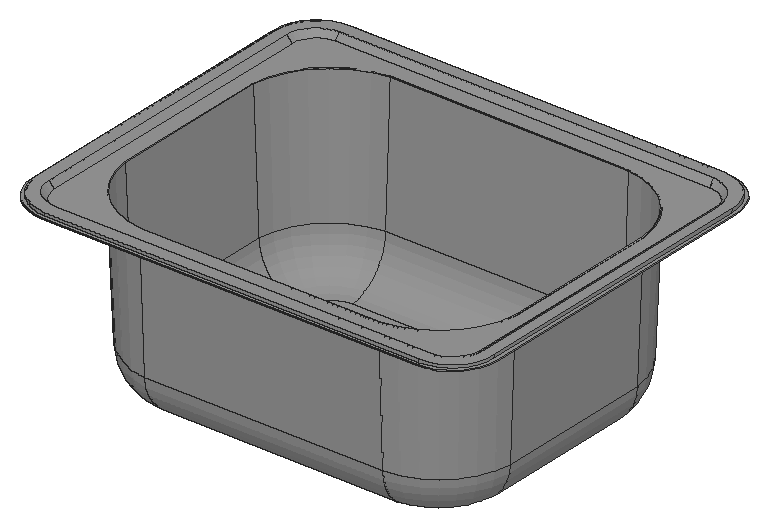
Revit family "Reece_Laundry Trough_Posh_Solus_Inset_45 ltr", category Plumbing Fixtures, host Face, Revit 2018
Family settings
  Host = Face
  Round Connector Dimension = Use Diameter
  Part Type = Normal
  Cut with Voids When Loaded = No
  Shared = Yes
  Room Calculation Point = Yes
Parameters (values of type "1 Taphole_Right Hand Taphole_Stainless Steel")
  WFU = 0  # constant formula
  URL = "https://www.reece.com.au/product/-2000362"
  Type Comments = "Laundry Trough"
  Reece_Taphole 2 = yes
  Reece_Taphole 1 = no
  Reece_Sink_Outlet = 40 mm  # constant formula
  Reece_Product_Web Page = "https://www.reece.com.au/product/-2000362"
  Reece_Product_Type = "Laundry Trough"
  Reece_Product_Sub Brand = "Solus"
  Reece_Product_Number = "2000362"
  Reece_Product_Mount = "Inset"
  Reece_Product_Description = "Posh Solus Flat Rim Trough 45 Litres 1 Right Hand Taphole Stainless Steel"
  Reece_Product_Brand = "Posh"
  Reece_Overall_Width = 600 mm  # constant formula
  Reece_Overall_Length = 500 mm  # constant formula
  Reece_Overall_Height = 250 mm  # constant formula
  Reece_Overall_Capacity = 45.00 L  # constant formula
  Reece_Material_Secondary = Reece_Metal_Steel
  Reece_Material-Main = Reece_Metal_Steel
  Reece_Detail_Installation = ""
  Reece_Detail_Disclaimer = "THIS FILE IS THE PROPERTY OF THE REECE GROUP. IT MAY NOT BE REPRODUCED, REVERSE-ENGINEERED OR MODIFIED. ANY REPUBLICATION, TRANSMISSION OR DISTRIBUTION FOR THE PURPOSE OF COMMERCIALLY EXPLOITING THE FILES IS PROHIBITED."  # constant formula
  Reece_Detail_Connector = "Right Hand"
  Reece_Detail_Additional = ""
  Model = "Solus"
  Manufacturer = "Posh"
  Keynote = "Product #2000362, Reece_Laundry Trough_Posh_Solus_Inset_45 ltr - 1 Taphole_Right Hand Taphole_Stainless Steel"
  HWFU = 0  # constant formula
  Disclaimer = "THIS FILE IS THE PROPERTY OF THE REECE GROUP. IT MAY NOT BE REPRODUCED, REVERSE-ENGINEERED OR MODIFIED. ANY REPUBLICATION, TRANSMISSION OR DISTRIBUTION FOR THE PURPOSE OF COMMERCIALLY EXPLOITING THE FILES IS PROHIBITED."  # constant formula
  Description = "Posh Solus Flat Rim Trough 45 Litres 1 Right Hand Taphole Stainless Steel"
  Default Elevation = 0 mm
  CWFU = 0  # constant formula
Types (5, lengths in mm): name | URL | Reece_Taphole 2 | Reece_Taphole 1 | Reece_Product_Web Page | Reece_Product_Number | Reece_Product_Description | Reece_Detail_Connector | Keynote | Description
  (no name) | "https://www.reece.com.au/product/-2000365" | yes | yes | "https://www.reece.com.au/product/-2000365" | "2000365" | "Posh Solus Flat Rim Trough 45 Litres 1 Taphole with Bypass Stainless Steel" | "With Bypass" | "Product #2000365, Reece_Laundry Trough_Posh_Solus_Inset_45 ltr -  " | "Posh Solus Flat Rim Trough 45 Litres 1 Taphole with Bypass Stainless Steel"
  1 Taphole_with Bypass_Stainless Steel | "https://www.reece.com.au/product/-2000365" | yes | yes | "https://www.reece.com.au/product/-2000365" | "2000365" | "Posh Solus Flat Rim Trough 45 Litres 1 Taphole with Bypass Stainless Steel" | "With Bypass" | "Product #2000365, Reece_Laundry Trough_Posh_Solus_Inset_45 ltr - 1 Taphole_with Bypass_Stainless Steel" | "Posh Solus Flat Rim Trough 45 Litres 1 Taphole with Bypass Stainless Steel"
  1 Taphole_Left Hand Taphole_Stainless Steel | "https://www.reece.com.au/product/-2000361" | no | yes | "https://www.reece.com.au/product/-2000361" | "2000361" | "Posh Solus Flat Rim Trough 45 Litres 1 Left Hand Taphole Stainless Steel" | "Left Hand" | "Product #2000361, Reece_Laundry Trough_Posh_Solus_Inset_45 ltr - 1 Taphole_Left Hand Taphole_Stainless Steel" | "Posh Solus Flat Rim Trough 45 Litres 1 Left Hand Taphole Stainless Steel"
  1 Taphole_Right Hand Taphole_Stainless Steel | "https://www.reece.com.au/product/-2000362" | yes | no | "https://www.reece.com.au/product/-2000362" | "2000362" | "Posh Solus Flat Rim Trough 45 Litres 1 Right Hand Taphole Stainless Steel" | "Right Hand" | "Product #2000362, Reece_Laundry Trough_Posh_Solus_Inset_45 ltr - 1 Taphole_Right Hand Taphole_Stainless Steel" | "Posh Solus Flat Rim Trough 45 Litres 1 Right Hand Taphole Stainless Steel"
  0 Taphole_Stainless Steel | "https://www.reece.com.au/product/-2000366" | no | no | "https://www.reece.com.au/product/-2000366" | "2000366" | "Posh Solus Flat Rim Trough 45 Litres No Taphole Stainless Steel" | "" | "Product #2000366, Reece_Laundry Trough_Posh_Solus_Inset_45 ltr - 0 Taphole_Stainless Steel" | "Posh Solus Flat Rim Trough 45 Litres No Taphole Stainless Steel"
Reference planes
  plane 1 "Center (Front/Back)": y = -79.125
  plane 2 "Top of surface": z = 0
  plane 3 "Center (Left/Right)": x = 0
  plane 4: y = 170.875
  plane 5: x = 300
  plane 6: x = -300
  plane 7: y = -329.125
  plane 8: z = 5
  plane 9 "Center L/U": z = -245
  plane 10 "Center L/V": z = -274.408
  plane 11: x = 305
  plane 12: x = -305
  plane 13: y = 175.875
  plane 14: y = -334.125
  plane 15: z = -8.8
Forms (mm)
  Sweep 1, solid, material "Reece_Metal_Steel" <- "Reece_Material-Main"
    path origin (0, 0, 0) x (1, 0, 0) y (0, 1, 0)
      loop
        arc (-245, 170.875) -> (-283.891, 154.766) -> (-300, 115.875) r 55
        line (-300, 115.875) -> (-300, -274.125)
        arc (-300, -274.125) -> (-283.891, -313.016) -> (-245, -329.125) r 55
        line (-245, -329.125) -> (245, -329.125)
        arc (245, -329.125) -> (283.891, -313.016) -> (300, -274.125) r 55
        line (300, -274.125) -> (300, 115.875)
        arc (300, 115.875) -> (283.891, 154.766) -> (245, 170.875) r 55
        line (245, 170.875) -> (-245, 170.875)
    profile origin (-300, -79.125, 0) x (1, 0, 0) y (0, 0, 1)
      loop
        line (-5, 0) -> (0.8, 0) -> (0.8, 4.2) -> (15.627, 4.2) -> (22.34, -3.8) -> (28.5, -3.8) -> (28.5, -3) -> (22.713, -3) -> (16, 5) -> (0, 5) -> (0, 1) -> (-5, 1) -> (-5, 0)
  Extrusion 2, void
    sketch origin (0, 0, 0) x (1, 0, 0) y (0, 1, 0)
      loop
        arc (-157.016, 130.849) -> (-228.503, 97.507) -> (-262.141, 26.158) r 116.001
        arc (-262.141, 26.158) -> (-267.074, -79.125) -> (-262.141, -184.408) r 1126.001
        arc (-262.141, -184.408) -> (-228.503, -255.756) -> (-157.016, -289.098) r 116.001
        arc (-157.016, -289.098) -> (-0.073, -296.126) -> (156.87, -289.098) r 1756.001
        arc (156.87, -289.098) -> (228.357, -255.756) -> (261.995, -184.408) r 116.001
        arc (261.995, -184.408) -> (266.928, -79.125) -> (261.995, 26.158) r 1126.001
        arc (261.995, 26.158) -> (228.357, 97.507) -> (156.87, 130.849) r 116.001
        arc (156.87, 130.849) -> (-0.073, 137.876) -> (-157.016, 130.849) r 1756.001
    from -274.408 to -8.8
  Sweep 3, solid, material "Reece_Metal_Steel" <- "Reece_Material-Main"
    path origin (1448.036, 3.372, 0) x (1, 0, 0) y (0, 1, 0)
      loop
        arc (-1704.202, 22.225) -> (-1709.109, -82.497) -> (-1704.202, -187.219) r 1120
        arc (-1704.202, -187.219) -> (-1672.304, -254.876) -> (-1604.515, -286.493) r 110
        arc (-1604.515, -286.493) -> (-1448.109, -293.497) -> (-1291.702, -286.493) r 1750
        arc (-1291.702, -286.493) -> (-1223.913, -254.876) -> (-1192.015, -187.219) r 110
        arc (-1192.015, -187.219) -> (-1187.109, -82.497) -> (-1192.015, 22.225) r 1120
        arc (-1192.015, 22.225) -> (-1223.913, 89.883) -> (-1291.702, 121.5) r 110
        arc (-1291.702, 121.5) -> (-1448.109, 128.503) -> (-1604.515, 121.5) r 1750
        arc (-1604.515, 121.5) -> (-1672.304, 89.883) -> (-1704.202, 22.225) r 110
    profile origin (-261.073, -79.125, 0) x (1, 0, 0) y (0, 0, 1)
      loop
        line (0, -3.8) -> (-1.001, -3.8) -> (6.714, -181.486)
        arc (6.714, -181.486) -> (25.469, -222.899) -> (67.657, -239.84) r 61
        line (67.657, -239.84) -> (81.325, -239.84) -> (81.325, -238.84) -> (67.657, -238.84)
        arc (67.657, -238.84) -> (26.161, -222.177) -> (7.713, -181.443) r 60
        line (7.713, -181.443) -> (0, -3.8)
  Extrusion 4, solid, material "Reece_Metal_Steel" <- "Reece_Material-Main"
    sketch origin (1413.789, 0, 0) x (1, 0, 0) y (0, 1, 0)
      loop
        arc (-1264.723, 43.873) -> (-1413.861, 50.551) -> (-1563, 43.873) r 1668.675
        arc (-1563, 43.873) -> (-1580.671, 35.631) -> (-1588.986, 17.993) r 28.675
        arc (-1588.986, 17.993) -> (-1593.537, -79.125) -> (-1588.986, -176.243) r 1038.675
        arc (-1588.986, -176.243) -> (-1580.671, -193.88) -> (-1563, -202.122) r 28.675
        arc (-1563, -202.122) -> (-1413.861, -208.8) -> (-1264.723, -202.122) r 1668.675
        arc (-1264.723, -202.122) -> (-1247.052, -193.88) -> (-1238.737, -176.243) r 28.675
        arc (-1238.737, -176.243) -> (-1234.186, -79.125) -> (-1238.737, 17.993) r 1038.675
        arc (-1238.737, 17.993) -> (-1247.052, 35.631) -> (-1264.723, 43.873) r 28.675
      loop
        circle (-1413.789, -79.125) r 55
    from -239.84 to -238.84
  Extrusion 5, solid, material "Reece_Metal_Steel" <- "Reece_Material-Main"
    sketch origin (708.036, 3.378, 0) x (1, 0, 0) y (0, 1, 0)
      loop
        line (-979.536, 112.497) -> (-979.536, -277.503)
        arc (-979.536, -277.503) -> (-971.774, -296.241) -> (-953.036, -304.003) r 26.5
        line (-953.036, -304.003) -> (-463.036, -304.003)
        arc (-463.036, -304.003) -> (-444.297, -296.241) -> (-436.536, -277.503) r 26.5
        line (-436.536, -277.503) -> (-436.536, 112.497)
        arc (-436.536, 112.497) -> (-444.297, 131.235) -> (-463.036, 138.997) r 26.5
        line (-463.036, 138.997) -> (-953.036, 138.997)
        arc (-953.036, 138.997) -> (-971.774, 131.235) -> (-979.536, 112.497) r 26.5
      loop
        arc (-452.015, 22.219) -> (-483.913, 89.876) -> (-551.702, 121.493) r 110
        arc (-551.702, 121.493) -> (-708.109, 128.497) -> (-864.515, 121.493) r 1750
        arc (-864.515, 121.493) -> (-932.304, 89.876) -> (-964.202, 22.219) r 110
        arc (-964.202, 22.219) -> (-969.109, -82.503) -> (-964.202, -187.225) r 1120
        arc (-964.202, -187.225) -> (-932.304, -254.883) -> (-864.515, -286.5) r 110
        arc (-864.515, -286.5) -> (-708.109, -293.503) -> (-551.702, -286.5) r 1750
        arc (-551.702, -286.5) -> (-483.913, -254.883) -> (-452.015, -187.225) r 110
        arc (-452.015, -187.225) -> (-447.109, -82.503) -> (-452.015, 22.219) r 1120
    from -3.8 to -3
  Revolve 6, solid, material "Reece_Metal_Steel" <- "Reece_Material_Secondary"
    sketch origin (0, -79.125, -43.85) x (1, 0, 0) y (0, 0, 1)
      loop
        line (18, -230.558) -> (20, -230.558) -> (20, -216.355)
        arc (20, -216.355) -> (32.698, -207.461) -> (43.125, -195.99) r 69.965
        line (43.125, -195.99) -> (40.636, -195.99)
        arc (40.636, -195.99) -> (30.376, -206.823) -> (18, -215.157) r 67.965
        line (18, -215.157) -> (18, -230.558)
      axis (0, -195.99) -> (0, -230.558)
    angle from 0 to 360
  Extrusion 7, void
    sketch origin (-50, 0, -23.27) x (1, 0, 0) y (0, 1, 0)
      loop
        arc (59.976, -75.979) -> (59.471, -76.342) -> (59.277, -76.933) r 1
        line (59.277, -76.933) -> (59.277, -81.316)
        arc (59.277, -81.316) -> (59.471, -81.908) -> (59.976, -82.27) r 1
        line (59.976, -82.27) -> (65.976, -84.162)
        arc (65.976, -84.162) -> (66.868, -84.015) -> (67.277, -83.208) r 1
        line (67.277, -83.208) -> (67.277, -75.041)
        arc (67.277, -75.041) -> (66.868, -74.235) -> (65.976, -74.087) r 1
        line (65.976, -74.087) -> (59.976, -75.979)
      loop
        line (52.707, -89.229) -> (54.336, -95.306)
        arc (54.336, -95.306) -> (54.939, -95.979) -> (55.839, -95.89) r 1
        line (55.839, -95.89) -> (62.727, -91.502)
        arc (62.727, -91.502) -> (63.188, -90.724) -> (62.833, -89.892) r 1
        line (62.833, -89.892) -> (58.013, -85.849)
        arc (58.013, -85.849) -> (57.436, -85.617) -> (56.833, -85.771) r 1
        line (56.833, -85.771) -> (53.136, -88.127)
        arc (53.136, -88.127) -> (52.741, -88.607) -> (52.707, -89.229) r 1
      loop
        arc (52.707, -69.021) -> (52.741, -69.642) -> (53.136, -70.123) r 1
        line (53.136, -70.123) -> (56.833, -72.478)
        arc (56.833, -72.478) -> (57.436, -72.633) -> (58.013, -72.401) r 1
        line (58.013, -72.401) -> (62.833, -68.357)
        arc (62.833, -68.357) -> (63.188, -67.525) -> (62.727, -66.747) r 1
        line (62.727, -66.747) -> (55.839, -62.359)
        arc (55.839, -62.359) -> (54.939, -62.271) -> (54.336, -62.944) r 1
        line (54.336, -62.944) -> (52.707, -69.021)
      loop
        line (40.024, -75.979) -> (34.024, -74.087)
        arc (34.024, -74.087) -> (33.132, -74.235) -> (32.723, -75.041) r 1
        line (32.723, -75.041) -> (32.723, -83.208)
        arc (32.723, -83.208) -> (33.132, -84.015) -> (34.024, -84.162) r 1
        line (34.024, -84.162) -> (40.024, -82.27)
        arc (40.024, -82.27) -> (40.529, -81.908) -> (40.723, -81.316) r 1
        line (40.723, -81.316) -> (40.723, -76.933)
        arc (40.723, -76.933) -> (40.529, -76.342) -> (40.024, -75.979) r 1
      loop
        arc (47.293, -89.229) -> (47.259, -88.607) -> (46.864, -88.127) r 1
        line (46.864, -88.127) -> (43.167, -85.771)
        arc (43.167, -85.771) -> (42.564, -85.617) -> (41.987, -85.849) r 1
        line (41.987, -85.849) -> (37.167, -89.892)
        arc (37.167, -89.892) -> (36.812, -90.724) -> (37.273, -91.502) r 1
        line (37.273, -91.502) -> (44.161, -95.89)
        arc (44.161, -95.89) -> (45.061, -95.979) -> (45.664, -95.306) r 1
        line (45.664, -95.306) -> (47.293, -89.229)
      loop
        line (47.293, -69.021) -> (45.664, -62.944)
        arc (45.664, -62.944) -> (45.061, -62.271) -> (44.161, -62.359) r 1
        line (44.161, -62.359) -> (37.273, -66.747)
        arc (37.273, -66.747) -> (36.812, -67.525) -> (37.167, -68.357) r 1
        line (37.167, -68.357) -> (41.987, -72.401)
        arc (41.987, -72.401) -> (42.564, -72.633) -> (43.167, -72.478) r 1
        line (43.167, -72.478) -> (46.864, -70.123)
        arc (46.864, -70.123) -> (47.259, -69.642) -> (47.293, -69.021) r 1
    from -228.062 to -220.73
  Revolve 8, solid, material "Reece_Metal_Steel" <- "Reece_Material_Secondary"
    sketch origin (0, -79.125, -48.179) x (1, 0, 0) y (0, 0, 1)
      loop
        line (33.998, -192.22) -> (26.926, -199.291) -> (2.034, -199.291) -> (2.034, -197.791) -> (0, -197.791) -> (0, -199.291) -> (0, -200.491) -> (27.283, -200.491) -> (34.898, -192.876) -> (36.003, -192.876) -> (36.003, -191.662) -> (45.998, -191.662) -> (45.998, -190.662) -> (35.604, -190.662)
        arc (35.604, -190.662) -> (35.179, -190.838) -> (35.003, -191.263) r 0.601
        line (35.003, -191.263) -> (35.003, -192.22)
        arc (35.003, -192.22) -> (34.5, -191.717) -> (33.998, -192.22) r 0.503
      axis (0, -190.662) -> (0, -200.491)
    angle from 0 to 360
  Sweep 9, solid, material "Reece_Metal_Steel" <- "Reece_Material-Main"
    path in 3D
      loop
        arc (-60, -79.125, -238.84) -> (0, -139.125, -238.84) -> (60, -79.125, -238.84) r 60
        arc (60, -79.125, -238.84) -> (0, -19.125, -238.84) -> (-60, -79.125, -238.84) r 60
    profile origin (-60, -79.125, -238.84) x (1, 0, 0) y (0, 0, 1)
      loop
        line (5, 0) -> (5, -1) -> (20, -6.16) -> (20, -5.16) -> (5, 0)
  Extrusion 10, void
    sketch origin (0, 0, 3.8) x (1, 0, 0) y (0, 1, 0)
      loop
        arc (-245, 154.875) -> (-272.577, 143.453) -> (-284, 115.875) r 39
        line (-284, 115.875) -> (-284, -274.125)
        arc (-284, -274.125) -> (-272.577, -301.702) -> (-245, -313.125) r 39
        line (-245, -313.125) -> (245, -313.125)
        arc (245, -313.125) -> (272.577, -301.702) -> (284, -274.125) r 39
        line (284, -274.125) -> (284, 115.875)
        arc (284, 115.875) -> (272.577, 143.453) -> (245, 154.875) r 39
        line (245, 154.875) -> (-245, 154.875)
    from -12.6 to -3.8
Cuts and joins
  Extrusion 10 cuts Extrusion 4
  joined: Sweep 1, Sweep 3, Extrusion 4, Extrusion 5, Sweep 9
  Extrusion 7 cuts Revolve 8
Lines and regions (mm)
  model lines, visible <- "Reece_Taphole 1"
    curve 1: arc (-270, 119.875, -3) -> (-249, 140.875, -3) -> (-228, 119.875, -3) r 21
    curve 2: arc (-228, 119.875, -3) -> (-249, 98.875, -3) -> (-270, 119.875, -3) r 21
  model lines, visible <- "Reece_Taphole 2"
    curve 3: arc (270, 119.875, -3) -> (249, 140.875, -3) -> (228, 119.875, -3) r 21
    curve 4: arc (228, 119.875, -3) -> (249, 98.875, -3) -> (270, 119.875, -3) r 21
  sketch lines
    curve 5: arc (60, -79.125, -238.84) -> (0, -19.125, -238.84) -> (-60, -79.125, -238.84) r 60
    curve 6: arc (-60, -79.125, -238.84) -> (0, -139.125, -238.84) -> (60, -79.125, -238.84) r 60
Text (mm)
  text "Reece Copyright © 2018, Reece Ltd." at (-902.343, -740.328, 0), in view "Ref. Level"
  text "Reece ©" at (55.762, 247.572, 169.589), in view "Reece Preview"
Dimensions and locks
  equal spacing: plane 6, plane 3 "Center (Left/Right)", plane 5
  "Reece_Overall_Width": plane 6 to plane 5
  "Reece_Overall_Length": plane 4 to plane 7
  equal spacing: plane 4, plane 1 "Center (Front/Back)", plane 7
  "Reece_Overall_Height": plane 8 to plane 9 "Center L/U"
  plane 13 to plane 14 = 510 mm
  plane 12 to plane 11 = 610 mm
  aligned and locked: plane 2 "Top of surface" to host face
  aligned and locked: level to host face
  aligned and locked: plane 6 to Sweep 1 sketch curve
  aligned and locked: Sweep 1 sketch curve to plane 4
  aligned and locked: Sweep 1 sketch curve to plane 5
  aligned and locked: Sweep 1 sketch curve to plane 7
  aligned and locked: Extrusion 4 to Revolve 6
  aligned and locked: Extrusion 2 to Revolve 6
  aligned and locked: Extrusion 2 to plane 10 "Center L/V"
  aligned and locked: plane 14 to cut or joined group of Sweep 1, Sweep 3, Extrusion 4, Extrusion 5, Sweep 9, Extrusion 10
  aligned and locked: cut or joined group of Sweep 1, Sweep 3, Extrusion 4, Extrusion 5, Sweep 9, Extrusion 10 to plane 11
  aligned and locked: cut or joined group of Sweep 1, Sweep 3, Extrusion 4, Extrusion 5, Sweep 9, Extrusion 10 to plane 12
  aligned and locked: plane 13 to cut or joined group of Sweep 1, Sweep 3, Extrusion 4, Extrusion 5, Sweep 9, Extrusion 10
  aligned and locked: plane 2 "Top of surface" to Extrusion 10
  aligned and locked: plane 15 to Extrusion 10
  aligned and locked: Extrusion 2 to plane 15
  aligned and locked: Sweep 1 to Extrusion 5
Automatic sketch dimensions
  host sketch curve to host sketch curve = 796.501 mm
  host sketch curve to host sketch curve = 660.299 mm
  plane 1 "Center (Front/Back)" to Extrusion 7 sketch curve = 4.084 mm
  Extrusion 7 sketch curve to plane 3 "Center (Left/Right)" = 17.277 mm
  Extrusion 7 sketch curve to Extrusion 7 sketch curve = 1 mm  (x5)
  plane 1 "Center (Front/Back)" to Extrusion 7 sketch curve = 5.037 mm  (x2)
  Extrusion 7 sketch curve to plane 1 "Center (Front/Back)" = 5.037 mm  (x2)
  Extrusion 7 sketch curve to Extrusion 7 sketch curve = 0.301 mm  (x6)
  Extrusion 7 sketch curve to Extrusion 7 sketch curve = 3.144 mm  (x2)
  Extrusion 7 sketch curve to Extrusion 7 sketch curve = 0.105 mm  (x2)
  Extrusion 7 sketch curve to Extrusion 7 sketch curve = 0.643 mm  (x8)
  Extrusion 7 sketch curve to Extrusion 7 sketch curve = 6 mm  (x3)
  Extrusion 7 sketch curve to Extrusion 7 sketch curve = 0 mm  (x4)
  plane 1 "Center (Front/Back)" to Extrusion 7 sketch curve = 3.146 mm  (x2)
  Extrusion 7 sketch curve to plane 1 "Center (Front/Back)" = 3.146 mm  (x2)
  Extrusion 7 sketch curve to Extrusion 7 sketch curve = 1.963 mm  (x2)
  Extrusion 7 sketch curve to Extrusion 7 sketch curve = 0.537 mm  (x14)
  Extrusion 7 sketch curve to plane 3 "Center (Left/Right)" = 5.839 mm  (x2)
  Extrusion 7 sketch curve to Extrusion 7 sketch curve = 0.966 mm  (x6)
  Extrusion 7 sketch curve to plane 3 "Center (Left/Right)" = 3.673 mm  (x2)
  plane 3 "Center (Left/Right)" to Extrusion 7 sketch curve = 2.707 mm  (x2)
  Extrusion 7 sketch curve to Extrusion 7 sketch curve = 0.429 mm  (x2)
  plane 3 "Center (Left/Right)" to Extrusion 7 sketch curve = 4.336 mm  (x2)
  Extrusion 7 sketch curve to Extrusion 7 sketch curve = 3.697 mm  (x2)
  Extrusion 7 sketch curve to plane 1 "Center (Front/Back)" = 2.192 mm
  Extrusion 7 sketch curve to Extrusion 7 sketch curve = 1.264 mm
  Extrusion 7 sketch curve to Extrusion 7 sketch curve = 0.699 mm  (x2)
  Extrusion 7 sketch curve to Extrusion 7 sketch curve = 4.819 mm  (x2)
  Extrusion 7 sketch curve to Extrusion 7 sketch curve = 3.501 mm  (x4)
  Extrusion 7 sketch curve to Extrusion 7 sketch curve = 0.077 mm  (x4)
  Extrusion 7 sketch curve to Extrusion 7 sketch curve = 2.355 mm  (x4)
  Extrusion 7 sketch curve to Extrusion 7 sketch curve = 0.843 mm  (x4)
  Extrusion 7 sketch curve to Extrusion 7 sketch curve = 4.044 mm  (x4)
  Extrusion 7 sketch curve to Extrusion 7 sketch curve = 0.766 mm  (x4)
  Extrusion 7 sketch curve to Extrusion 7 sketch curve = 6.077 mm  (x4)
  Extrusion 7 sketch curve to Extrusion 7 sketch curve = 0.259 mm  (x4)
  Sweep 1 sketch curve to plane 6 = 55 mm  (x2)
  Sweep 1 sketch curve to plane 4 = 55 mm
  Sweep 1 sketch curve to plane 5 = 55 mm
  Sweep 1 sketch curve to level = 0 mm
  profile plane to Sweep 1 sketch curve = 0 mm
  profile plane to Sweep 1 sketch curve = 5 mm
  Sweep 1 sketch curve to profile plane = 0.8 mm
  level to Sweep 1 sketch curve = 4.2 mm
  Sweep 1 sketch curve to Sweep 1 sketch curve = 14.827 mm
  Sweep 1 sketch curve to Sweep 1 sketch curve = 0.373 mm  (x2)
  Sweep 1 sketch curve to level = 3.8 mm
  Sweep 1 sketch curve to Sweep 1 sketch curve = 6.713 mm
  Sweep 1 sketch curve to level = 3 mm
  Sweep 1 sketch curve to Sweep 1 sketch curve = 5.787 mm
  level to Sweep 1 sketch curve = 1 mm
  Sweep 1 sketch curve to Sweep 1 sketch curve = 0.8 mm
  Extrusion 2 sketch curve to plane 1 "Center (Front/Back)" = 0 mm
  plane 1 "Center (Front/Back)" to Extrusion 2 sketch curve = 0 mm
  Extrusion 2 sketch curve to plane 12 = 554.073 mm
  Extrusion 2 sketch curve to plane 3 "Center (Left/Right)" = 146.648 mm  (x2)
  Extrusion 2 sketch curve to plane 3 "Center (Left/Right)" = 0.073 mm  (x2)
  plane 3 "Center (Left/Right)" to Extrusion 2 sketch curve = 146.502 mm  (x2)
  Extrusion 2 sketch curve to plane 11 = 553.927 mm
  plane 1 "Center (Front/Back)" to Extrusion 2 sketch curve = 94.437 mm  (x2)
  plane 14 to Extrusion 2 sketch curve = 1284 mm
  Extrusion 2 sketch curve to plane 1 "Center (Front/Back)" = 94.437 mm  (x2)
  plane 13 to Extrusion 2 sketch curve = 1284 mm
  Extrusion 2 sketch curve to plane 6 = 37.859 mm  (x2)
  Extrusion 2 sketch curve to Extrusion 2 sketch curve = 0 mm  (x6)
  Sweep 3 sketch curve to plane 1 "Center (Front/Back)" = 0 mm
  plane 1 "Center (Front/Back)" to Sweep 3 sketch curve = 0 mm
  Sweep 3 sketch curve to plane 12 = 554.073 mm
  Sweep 3 sketch curve to plane 3 "Center (Left/Right)" = 146.648 mm  (x2)
  Sweep 3 sketch curve to plane 3 "Center (Left/Right)" = 0.073 mm  (x2)
  plane 3 "Center (Left/Right)" to Sweep 3 sketch curve = 146.502 mm  (x2)
  Sweep 3 sketch curve to plane 11 = 553.927 mm
  plane 1 "Center (Front/Back)" to Sweep 3 sketch curve = 94.437 mm  (x2)
  plane 14 to Sweep 3 sketch curve = 1284 mm
  Sweep 3 sketch curve to plane 1 "Center (Front/Back)" = 94.437 mm  (x2)
  plane 13 to Sweep 3 sketch curve = 1284 mm
  Sweep 3 sketch curve to plane 6 = 43.834 mm
  Sweep 3 sketch curve to Sweep 3 sketch curve = 0 mm  (x9)
  profile plane to Sweep 3 sketch curve = 0 mm
  profile plane to Sweep 3 sketch curve = 1.001 mm
  Sweep 3 sketch curve to profile plane = 6.714 mm
  Sweep 3 sketch curve to Sweep 3 sketch curve = 0.999 mm
  Sweep 3 sketch curve to Sweep 3 sketch curve = 59.944 mm
  Sweep 3 sketch curve to Sweep 3 sketch curve = 13.668 mm
  Sweep 3 sketch curve to profile plane = 239.84 mm
  Sweep 3 sketch curve to Sweep 3 sketch curve = 1 mm
  Sweep 3 sketch curve to Sweep 3 sketch curve = 57.354 mm
  Sweep 3 sketch curve to profile plane = 3.8 mm
  Extrusion 4 sketch curve to plane 1 "Center (Front/Back)" = 0 mm
  plane 1 "Center (Front/Back)" to Extrusion 4 sketch curve = 0 mm  (x2)
  Extrusion 4 sketch curve to plane 3 "Center (Left/Right)" = 0.073 mm  (x2)
  Extrusion 4 sketch curve to plane 3 "Center (Left/Right)" = 146.648 mm  (x2)
  Extrusion 4 sketch curve to plane 12 = 554.073 mm
  plane 3 "Center (Left/Right)" to Extrusion 4 sketch curve = 146.502 mm  (x2)
  Extrusion 4 sketch curve to plane 11 = 553.927 mm
  plane 1 "Center (Front/Back)" to Extrusion 4 sketch curve = 94.437 mm  (x2)
  plane 14 to Extrusion 4 sketch curve = 1284 mm
  Extrusion 4 sketch curve to plane 1 "Center (Front/Back)" = 94.437 mm  (x2)
  plane 13 to Extrusion 4 sketch curve = 1284 mm
  Extrusion 4 sketch curve to Extrusion 4 sketch curve = 2.563 mm  (x2)
  Extrusion 4 sketch curve to Extrusion 4 sketch curve = 0 mm  (x8)
  curve 1 to curve 2 = 0 mm  (x2)
  curve 3 to curve 4 = 0 mm  (x2)
  curve 2 to plane 6 = 51 mm
  curve 3 to plane 5 = 51 mm
  curve 1 to plane 4 = 51 mm
  curve 3 to plane 4 = 51 mm
  curve 2 to curve 1 = 21 mm
  curve 4 to curve 3 = 21 mm
  Revolve 6 sketch curve to Revolve 6 sketch curve = 0 mm  (x2)
  Revolve 6 sketch curve to plane 10 "Center L/V" = 0 mm
  Revolve 6 sketch curve to plane 3 "Center (Left/Right)" = 13.541 mm
  plane 3 "Center (Left/Right)" to Revolve 6 sketch curve = 18 mm
  Revolve 6 sketch curve to Revolve 6 sketch curve = 2 mm
  plane 9 "Center L/U" to Revolve 6 sketch curve = 5.16 mm
  Revolve 6 sketch curve to Revolve 6 sketch curve = 20.636 mm
  Revolve 6 sketch curve to Revolve 6 sketch curve = 2.489 mm
  Revolve 6 sketch curve to Revolve 6 sketch curve = 14.203 mm
  Revolve 6 sketch curve to plane 3 "Center (Left/Right)" = 0 mm
  plane 9 "Center L/U" to Revolve 6 sketch curve = 2.15 mm
  Revolve 6 sketch curve to Revolve 6 sketch curve = 10.99 mm
  Extrusion 10 sketch curve to plane 6 = 16 mm
  Extrusion 10 sketch curve to Extrusion 10 sketch curve = 39 mm  (x2)
  Extrusion 10 sketch curve to plane 7 = 16 mm
  Extrusion 10 sketch curve to plane 5 = 55 mm  (x2)
  Extrusion 10 sketch curve to plane 5 = 16 mm
  Extrusion 10 sketch curve to plane 4 = 55 mm
  Revolve 8 sketch curve to plane 3 "Center (Left/Right)" = 0 mm  (x2)
  Revolve 8 sketch curve to plane 9 "Center L/U" = 0.969 mm
  plane 3 "Center (Left/Right)" to Revolve 8 sketch curve = 2.034 mm
  Revolve 8 sketch curve to plane 9 "Center L/U" = 2.469 mm
  Revolve 8 sketch curve to Revolve 8 sketch curve = 24.892 mm
  Revolve 8 sketch curve to plane 9 "Center L/U" = 3.669 mm
  Revolve 8 sketch curve to Revolve 8 sketch curve = 0.357 mm
  plane 9 "Center L/U" to Revolve 8 sketch curve = 4.602 mm
  Revolve 8 sketch curve to Revolve 8 sketch curve = 7.071 mm
  Revolve 8 sketch curve to Revolve 8 sketch curve = 0.503 mm
  Revolve 8 sketch curve to Revolve 8 sketch curve = 0.104 mm
  Revolve 8 sketch curve to Revolve 8 sketch curve = 0.601 mm
  Revolve 8 sketch curve to Revolve 8 sketch curve = 1.104 mm
  Revolve 8 sketch curve to Revolve 8 sketch curve = 9.995 mm
  Revolve 8 sketch curve to Revolve 8 sketch curve = 1.2 mm
  Revolve 8 sketch curve to Revolve 8 sketch curve = 0.656 mm
  plane 9 "Center L/U" to Revolve 8 sketch curve = 5.16 mm
  Revolve 8 sketch curve to Revolve 8 sketch curve = 0.399 mm
  Revolve 8 sketch curve to Revolve 8 sketch curve = 0.291 mm
  plane 9 "Center L/U" to Revolve 8 sketch curve = 8.812 mm
  Sweep 9 sketch curve to profile plane = 0 mm
  Sweep 9 sketch curve to profile plane = 1 mm
  Sweep 9 sketch curve to profile plane = 5 mm
  Sweep 9 sketch curve to profile plane = 5.16 mm
  Sweep 9 sketch curve to Sweep 9 sketch curve = 15 mm
  Sweep 9 sketch curve to Sweep 9 sketch curve = 1 mm
  Extrusion 4 sketch curve to plane 3 "Center (Left/Right)" = 0 mm
  Extrusion 4 sketch curve to plane 3 "Center (Left/Right)" = 55 mm
  Extrusion 5 sketch curve to plane 1 "Center (Front/Back)" = 0 mm
  plane 1 "Center (Front/Back)" to Extrusion 5 sketch curve = 0 mm
  Extrusion 5 sketch curve to plane 6 = 28.5 mm
  Extrusion 5 sketch curve to plane 7 = 28.5 mm
  Extrusion 5 sketch curve to Extrusion 5 sketch curve = 26.5 mm  (x3)
  Extrusion 5 sketch curve to plane 4 = 28.5 mm
  Extrusion 5 sketch curve to Extrusion 5 sketch curve = 98.352 mm  (x2)
  Extrusion 5 sketch curve to plane 3 "Center (Left/Right)" = 0.073 mm  (x2)
  plane 3 "Center (Left/Right)" to Extrusion 5 sketch curve = 146.502 mm
  Extrusion 5 sketch curve to plane 5 = 55 mm  (x2)
  Extrusion 5 sketch curve to plane 11 = 553.927 mm
  plane 14 to Extrusion 5 sketch curve = 1284 mm
  plane 1 "Center (Front/Back)" to Extrusion 5 sketch curve = 94.437 mm  (x2)
  Extrusion 5 sketch curve to plane 1 "Center (Front/Back)" = 94.437 mm  (x2)
  plane 13 to Extrusion 5 sketch curve = 1284 mm
  Extrusion 5 sketch curve to plane 6 = 43.834 mm
  Extrusion 5 sketch curve to Extrusion 5 sketch curve = 0 mm  (x8)
  Extrusion 5 sketch curve to plane 5 = 43.98 mm
Connectors
  piping at (0, -79.125, -274.408), diameter 40, driven by "Reece_Sink_Outlet"
    settings: on Revolve 6, index 1, connector inside diameter 609.6 mm, connector length 0 mm, flow factor 0, pipe flow 0.0 L/s, pressure drop 0.0 Pa, fitting loss kfactor 0, connector angle 0.00°, fixture units 0, engagement length 0 mm, angle of deflection 0.00°, flow configuration 0, flow direction 0, fitting loss method 0, system type 7, joint type 0, gender type 0, connector reference index -1, connector utility 0, adjustable connector no, is connector primary yes, connector description ""
